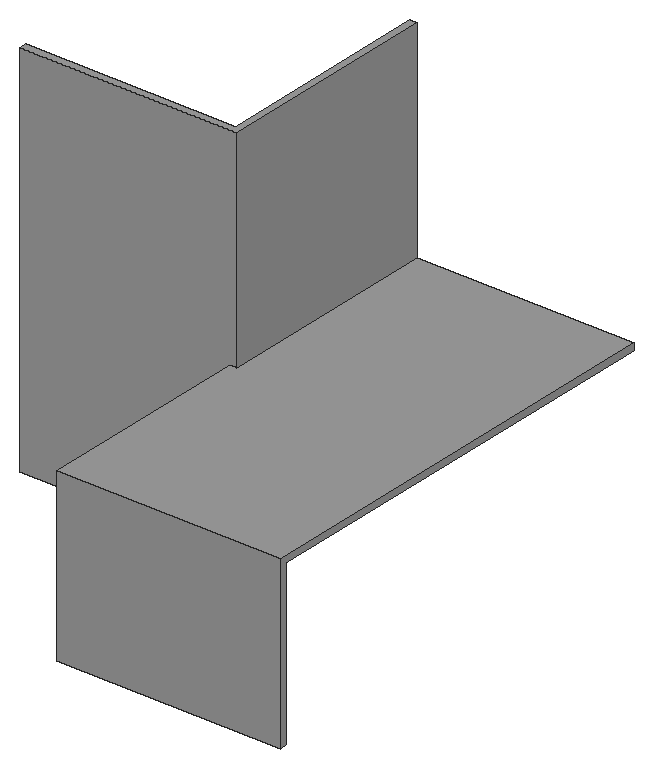
Revit family "Flashing_Preformed_Hyload_Type-WL2", category Generic Models, Revit 2014
Parameters (values of type "As Specified")
  Upper Height = 0' - 4"
  Unit Width = 1' - 0"
  Unit Height = 0' - 2"
  Unit Depth = 0' - 4"
  URL = "http://www.hyload.com/"
  Thickness = 0' - 0 1/16"
  Specification = "http://www.arcat.com/sdspecs/htm04/07_65_00hyl.htm"
  Sales Information = "http://www.hyload.com/contact-us"
  Revision = "R1_12-2015"
  Product Properties = "http://www.hyload.com/masonry-flashing/preformed-shapes/"
  Product Data = "http://www.arcat.com/arcatcos/cos33/arc33176.html"
  Model = "Type WL2"
  Manufacturer Website = "http://www.hyload.com/"
  Manufacturer Phone - Toll Free = "800-457-4056"
  Manufacturer Phone = "330-769-3546"
  Manufacturer Fax = "330-769-4153"
  Manufacturer Address = "5020 Panther Pkwy., Seville, OH 44273"
  Manufacturer = "Hyload"
  Lower Height = 0' - 1 1/2"
  Keynote = "07 65 00"
  Flashing Material = Hyload Flashing Membrane - Grey
  Drawn By = "Robert S. Weygant / Sumex Design"
  Description = "Preformed Hyload Masonry Flashing - Type WL2"
  Copyright = "(c) ARCAT, Inc, 2015"
  Construction Details = "http://www.arcat.com/details/hyload/hyload.html?coid=33176"
  Assembly Code = "B3010400"
Reference planes (in)
  plane 1 "Center (Front/Back)": y = 0
  plane 2: z = 0
  plane 3 "Center (Left/Right)": x = 0
  plane 4 "Back": y = 2
  plane 5: x = 2
  plane 6 "WinPlane": z = -1.5
  plane 7: x = 22
  plane 8 "Front": y = -2
  plane 9: z = 2
  plane 10: x = -2
Forms (in)
  Extrusion 1, solid, material "Hyload Flashing Membrane - Grey" <- "Flashing Material"
    sketch origin (0, 0, 0) x (1, 0, 0) y (0, 0, 1)
      loop
        line (0, 0) -> (2, 0) -> (2, 0.0625) -> (-0.0625, 0.0625) -> (-0.0625, -1.5) -> (0, -1.5) -> (0, 0)
    from 0 to 2
  Extrusion 2, solid, material "Hyload Flashing Membrane - Grey" <- "Flashing Material"
    sketch origin (0, 2, 0) x (-1, 0, 0) y (0, 0, 1)
      loop
        line (0, 0.0625) -> (-2, 0.0625) -> (-2, 0) -> (0.0625, 0) -> (0.0625, 2) -> (0, 2) -> (0, 0.0625)
    from -2 to 0
  Extrusion 3, solid, material "Hyload Flashing Membrane - Grey" <- "Flashing Material"
    sketch origin (0, 0, 0) x (1, 0, 0) y (0, 0, 1)
      loop
        line (-2, 2) -> (-2, -1.5) -> (0, -1.5) -> (0, 2) -> (-2, 2)
    from 0 to 0.0625 <- "Thickness"
  Extrusion 4, solid, material "Hyload Flashing Membrane - Grey" <- "Flashing Material"
    sketch origin (0, -2, 0) x (-1, 0, 0) y (0, 0, 1)
      loop
        line (0.0625, 0.0625) -> (-2, 0.0625) -> (-2, -1.5) -> (0.0625, -1.5) -> (0.0625, 0.0625)
    from -0.0625 to 0
Cuts and joins
  joined: Extrusion 1, Extrusion 2, Extrusion 3, Extrusion 4
Dimensions and locks (in)
  "Unit Depth": plane 4 "Back" to plane 8 "Front"
  locked: plane 8 "Front" to plane 1 "Center (Front/Back)" at 2
  plane 10 to plane 3 "Center (Left/Right)" = 0' - 2"
  locked: plane 3 "Center (Left/Right)" to plane 5 at 2
  "Lower Height": level to plane 6 "WinPlane"
  "Unit Height": plane 9 to level
  "Thickness": plane 3 "Center (Left/Right)" to Extrusion 1 sketch curve
  "Thickness": Extrusion 1 sketch curve to level
  "Thickness": Extrusion 2 sketch curve to level
  "Thickness": plane 3 "Center (Left/Right)" to Extrusion 2 sketch curve
  "Thickness": plane 8 "Front" to Extrusion 4
  aligned and locked: plane 2 to level
  aligned and locked: level to Extrusion 1 sketch curve
  aligned and locked: Extrusion 1 sketch curve to plane 3 "Center (Left/Right)"
  aligned and locked: Extrusion 1 sketch curve to plane 5
  aligned and locked: plane 6 "WinPlane" to Extrusion 1 sketch curve
  aligned and locked: Extrusion 1 to plane 8 "Front"
  aligned and locked: Extrusion 1 to plane 1 "Center (Front/Back)"
  aligned and locked: plane 1 "Center (Front/Back)" to Extrusion 2
  aligned and locked: plane 4 "Back" to Extrusion 2
  aligned and locked: Extrusion 2 sketch curve to plane 9
  aligned and locked: Extrusion 2 sketch curve to plane 5
  aligned and locked: level to Extrusion 2 sketch curve
  aligned and locked: plane 3 "Center (Left/Right)" to Extrusion 2 sketch curve
  aligned and locked: Extrusion 3 sketch curve to plane 9
  aligned and locked: plane 10 to Extrusion 3 sketch curve
  aligned and locked: Extrusion 3 sketch curve to Extrusion 1  (x2)
  aligned and locked: Extrusion 3 to plane 1 "Center (Front/Back)"
  aligned and locked: Extrusion 4 sketch curve to cut or joined group of Extrusion 1, Extrusion 2, Extrusion 3, Extrusion 4  (x2)
  aligned and locked: plane 6 "WinPlane" to Extrusion 4 sketch curve
  aligned and locked: Extrusion 4 sketch curve to plane 5
  aligned and locked: plane 8 "Front" to Extrusion 4
